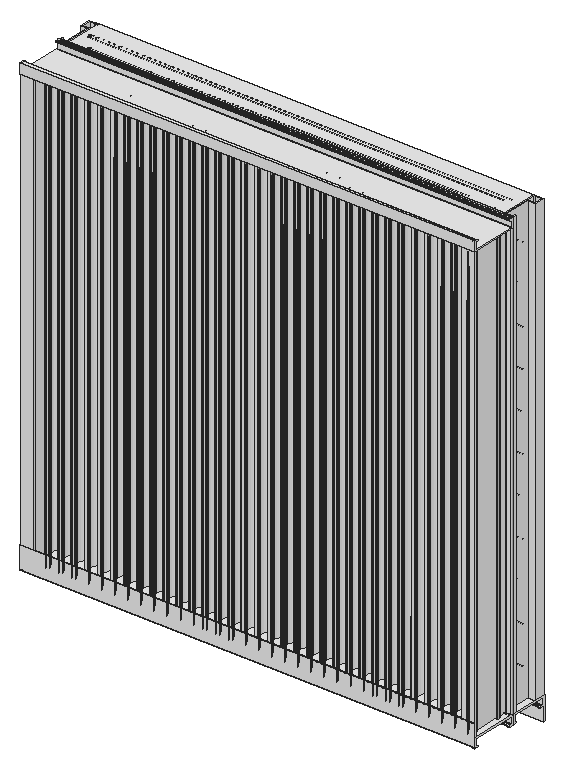
Revit family "All-Lite Louver_EFJ-937_R15", category Mechanical Equipment, host Wall, Revit 2017
Family settings
  Host = Wall
  Round Connector Dimension = Use Diameter
  Part Type = Normal
  Always vertical = Yes
  Cut with Voids When Loaded = No
  Shared = No
  Room Calculation Point = No
Parameters (values of type "EFJ-937")
  Width Control = if(Width < Min Width, Min Width, if(Width > Max Width, Max Width, Width))  # 4' - 0"
  Width = 4' - 0"
  Warranty = "http://www.alllite.com/assets/All-Lite-Warranty.pdf"
  Vertical Louver Array = (Width Control - 0' 1 3/4") / 0' 1 107/256"  # 33
  Vertical Blade Height = Height Control - 0' 2"  # 3' - 10"
  URL = "http://alllite.com/"
  Specifications = "javascript://EFJ-937 CSI Specification"
  Product URL = "http://www.alllite.com/media/resource/EFJ937.pdf"
  Pressure Loss @ Beginning Point of Water Penetration = "0.48 in. wg."  # constant formula
  Omni Class Title = "Exterior Louvers & Grilles"  # constant formula
  Omni Class Code = "23-60 11 17"  # constant formula
  Mullion = "Visible"  # constant formula
  Maximum Size - Multiple Section = "Unlimited width x 120''"  # constant formula
  Velocity @ 0.15 in. wg. Pressure Loss = "705 fpm"  # constant formula
  Free Area Velocity @ Beginning Point of Water Penetration = "Above 1250 fpm"  # constant formula
  Free Area = "[48'' x 48'' unit] : 8.6 ft² 53.9%"  # constant formula
  Design Load = "130 psf"  # constant formula
  Screen = "1/2'' x .063'' expanded and flattened aluminum"  # constant formula
  Model = "EFJ-937"  # constant formula
  Minimum Size = "12'' x 12''"  # constant formula
  Min Width = 1' - 0"  # constant formula
  Min Height = 1' - 0"  # constant formula
  Maximum Size - Single Section = "60'' x 120''"  # constant formula
  Max Width = 5' - 0"  # constant formula
  Max Height = 10' - 0"  # constant formula
  Manufacturer = "Pottorff"  # constant formula
  Louver Count = (Height Control - 0' 2 1/2") / 0' 4"  # 11
  Louver = Aluminum
  Height Control = if(Height < Min Height, Min Height, if(Height > Max Height, Max Height, Height))  # 4' - 0"
  Height = 4' - 0"
  Frame = "9'' deep x 0.125'' thick channel"  # constant formula
  Description = "The EFJ-937 dual-module louver is engineered and tested\r\nto withstand extreme loads, debris impact, and cyclic\r\nfatigue associated with the severe weather effects of hurricanes.\r\nThe front (exterior) side of the louver features horizontal\r\nJ-style blades for a pleasing architectural appearance. The\r\ninterior side features vertical chevron blades which provide\r\nsuperior resistance to wind-driven rain. Both installation options\r\nfor the EFJ-937 feature minimal required hardware. The\r\nEFJ-937 is AMCA 540 and 550 listed, making it ideally suited for\r\nuse in hurricane-prone and wind-borne debris regions per the\r\nInternational Building Code."  # constant formula
  Default Height = 4' - 0"
  Cut Sheet = "http://www.alllite.com/media/resource/EFJ937.pdf"
  Blades = "Front: 37° x 0.081'' thick horizontal J style Rear: 0.06'' thick vertical chevron"  # constant formula
  Blade Width = Width Control - 0' 2"  # 3' - 10"
  Assembly Code = "B2010300"
  Air Volume Delivered @ Beginning Point of Water Penetration = "Above 10775 cfm"  # constant formula
  95 CSI = "10200"  # constant formula
  04 CSI = "08 91 00"  # constant formula
Reference planes (in)
  plane 1: y = 0
  plane 2 "Center (Left/Right)": x = 0
  plane 3 "Wall Edge": y = 6
  plane 4 "b": z = 48
  plane 5: x = 24
  plane 6: x = -24
  plane 7: z = 96
  plane 8 "louver": z = 49
  plane 9 "t": z = 95.5
  plane 10: x = 23.75
  plane 11: x = -23.75
  plane 12: z = 50.27046
  plane 13: y = 3.625
  plane 14 "top array": z = 93.5
  plane 15: x = 23
  plane 16: x = -23
  plane 17: z = 95
  plane 18: x = -23.12575
  plane 19: x = 23.12575
  plane 20: y = 2
  plane 21 "Jamb 2": y = 1.9375
  plane 22: z = 72.5
  plane 23 "REAR": y = -3.125
Forms (in)
  Sweep 1, solid, material "Aluminum" <- "Louver"
    path origin (0, 0, 95.5) x (0, -1, 0) y (1, 0, 0)
      loop
        line (-6, -23) -> (-6, 23)
    profile origin (0, 6, 95.5) x (0, 1, 0) y (0, 0, 1)
      loop
        line (-3.829, 0.419) -> (-3.3355, 0.419) -> (-3.3355, 0.18498)
        arc (-3.3355, 0.18498) -> (-3.45369, 0.07271) -> (-3.41884, -0.08654) r 0.166
        arc (-3.41884, -0.08654) -> (-3.36172, -0.08935) -> (-3.35874, -0.03223) r 0.0405
        arc (-3.35874, -0.03223) -> (-3.29514, 0.109) -> (-3.23108, -0.03203) r 0.085
        arc (-3.23108, -0.03203) -> (-3.22732, -0.08918) -> (-3.17017, -0.08542) r 0.0405
        arc (-3.17017, -0.08542) -> (-3.13653, 0.07342) -> (-3.2545, 0.18498) r 0.166
        line (-3.2545, 0.18498) -> (-3.2545, 0.419) -> (-1.062, 0.419) -> (-1.062, 0.0645) -> (-1.19902, 0.0645)
        arc (-1.19902, 0.0645) -> (-1.31129, 0.18269) -> (-1.47054, 0.14784) r 0.166
        arc (-1.47054, 0.14784) -> (-1.47375, 0.09136) -> (-1.41727, 0.08816) r 0.04
        arc (-1.41727, 0.08816) -> (-1.274, 0.024) -> (-1.41727, -0.04016) r 0.086
        arc (-1.41727, -0.04016) -> (-1.47375, -0.04336) -> (-1.47054, -0.09984) r 0.04
        arc (-1.47054, -0.09984) -> (-1.31129, -0.13469) -> (-1.19902, -0.0165) r 0.166
        line (-1.19902, -0.0165) -> (-1.062, -0.0165) -> (-1.062, -0.331) -> (-0.985, -0.331) -> (-0.985, -1.1655) -> (-1.19902, -1.1655)
        arc (-1.19902, -1.1655) -> (-1.31129, -1.04731) -> (-1.47054, -1.08216) r 0.166
        arc (-1.47054, -1.08216) -> (-1.47375, -1.13864) -> (-1.41727, -1.14184) r 0.04
        arc (-1.41727, -1.14184) -> (-1.274, -1.206) -> (-1.41727, -1.27016) r 0.086
        arc (-1.41727, -1.27016) -> (-1.47375, -1.27336) -> (-1.47054, -1.32984) r 0.04
        arc (-1.47054, -1.32984) -> (-1.31129, -1.36469) -> (-1.19902, -1.2465) r 0.166
        line (-1.19902, -1.2465) -> (-0.985, -1.2465) -> (-0.985, -2.581) -> (0.015, -2.581) -> (0.015, -1.621)
        arc (0.015, -1.621) -> (-0.0255, -1.5805) -> (-0.066, -1.621) r 0.0405
        line (-0.066, -1.621) -> (-0.066, -2.5) -> (-0.904, -2.5) -> (-0.904, 0.169) -> (-0.819, 0.169) -> (-0.819, 0.419) -> (-0.081, 0.419) -> (-0.081, -0.46645) -> (-0.76438, -1.14983) -> (-0.70711, -1.20711) -> (0, -0.5) -> (0, 0.5) -> (-3.91, 0.5) -> (-3.91, -0.25) -> (-3.829, -0.25) -> (-3.829, 0.419)
  Sweep 2, solid, material "Aluminum" <- "Louver"
    path origin (0, 0, 48) x (1, 0, 0) y (0, 1, 0)
      loop
        line (-24, 6) -> (24, 6)
    profile origin (0, 6, 48) x (0, 1, 0) y (0, 0, 1)
      loop
        arc (0.125, 0.96875) -> (0.11585, 0.99085) -> (0.09375, 1) r 0.03125
        line (0.09375, 1) -> (-4, 1) -> (-4, 0.03125)
        arc (-4, 0.03125) -> (-3.99085, 0.00915) -> (-3.96875, 0) r 0.03125
        line (-3.96875, 0) -> (-3.65563, 0)
        arc (-3.65563, 0) -> (-3.63354, 0.00915) -> (-3.62438, 0.03125) r 0.03125
        line (-3.62438, 0.03125) -> (-3.62438, 0.09375)
        arc (-3.62438, 0.09375) -> (-3.63354, 0.11585) -> (-3.65563, 0.125) r 0.03125
        line (-3.65563, 0.125) -> (-3.84375, 0.125)
        arc (-3.84375, 0.125) -> (-3.86585, 0.13415) -> (-3.875, 0.15625) r 0.03125
        line (-3.875, 0.15625) -> (-3.875, 0.84375)
        arc (-3.875, 0.84375) -> (-3.86585, 0.86585) -> (-3.84375, 0.875) r 0.03125
        line (-3.84375, 0.875) -> (-0.15625, 0.875)
        arc (-0.15625, 0.875) -> (-0.13415, 0.86585) -> (-0.125, 0.84375) r 0.03125
        line (-0.125, 0.84375) -> (-0.125, 0.15625)
        arc (-0.125, 0.15625) -> (-0.13415, 0.13415) -> (-0.15625, 0.125) r 0.03125
        line (-0.15625, 0.125) -> (-0.34375, 0.125)
        arc (-0.34375, 0.125) -> (-0.36585, 0.11585) -> (-0.375, 0.09375) r 0.03125
        line (-0.375, 0.09375) -> (-0.375, 0.03125)
        arc (-0.375, 0.03125) -> (-0.36585, 0.00915) -> (-0.34375, 0) r 0.03125
        line (-0.34375, 0) -> (0, 0) -> (0, -1.5) -> (0.125, -1.5) -> (0.125, 0.96875)
      loop
        line (-4.0625, 0.03125) -> (-4.0625, 1) -> (-9.06242, 1) -> (-9.06242, 2.375) -> (-9.1435, 2.375) -> (-9.1435, 0.03125)
        arc (-9.1435, 0.03125) -> (-9.13435, 0.00915) -> (-9.11225, 0) r 0.03125
        line (-9.11225, 0) -> (-8.79913, 0)
        arc (-8.79913, 0) -> (-8.77704, 0.00915) -> (-8.76788, 0.03125) r 0.03125
        line (-8.76788, 0.03125) -> (-8.76788, 0.09375)
        arc (-8.76788, 0.09375) -> (-8.77704, 0.11585) -> (-8.79913, 0.125) r 0.03125
        line (-8.79913, 0.125) -> (-8.98725, 0.125)
        arc (-8.98725, 0.125) -> (-9.00935, 0.13415) -> (-9.0185, 0.15625) r 0.03125
        line (-9.0185, 0.15625) -> (-9.0185, 0.84375)
        arc (-9.0185, 0.84375) -> (-9.00935, 0.86585) -> (-8.98725, 0.875) r 0.03125
        line (-8.98725, 0.875) -> (-4.21875, 0.875)
        arc (-4.21875, 0.875) -> (-4.19665, 0.86585) -> (-4.1875, 0.84375) r 0.03125
        line (-4.1875, 0.84375) -> (-4.1875, 0.15625)
        arc (-4.1875, 0.15625) -> (-4.19665, 0.13415) -> (-4.21875, 0.125) r 0.03125
        line (-4.21875, 0.125) -> (-4.40687, 0.125)
        arc (-4.40687, 0.125) -> (-4.42896, 0.11585) -> (-4.43812, 0.09375) r 0.03125
        line (-4.43812, 0.09375) -> (-4.43812, 0.03125)
        arc (-4.43812, 0.03125) -> (-4.42896, 0.00915) -> (-4.40687, 0) r 0.03125
        line (-4.40687, 0) -> (-4.09375, 0)
        arc (-4.09375, 0) -> (-4.07165, 0.00915) -> (-4.0625, 0.03125) r 0.03125
  Extrusion 3, solid, material "Aluminum" <- "Louver"
    sketch origin (0, 0, 0) x (1, 0, 0) y (0, 1, 0)
      loop
        line (23, 6) -> (23, 5.919) -> (23.125, 5.919) -> (23.125, 5.731) -> (23.206, 5.731) -> (23.206, 5.875) -> (23.875, 5.875) -> (23.875, 5.019) -> (23.125, 5.019) -> (23.125, 2) -> (24, 2) -> (24, 2.331) -> (23.875, 2.331) -> (23.875, 2.125) -> (23.25, 2.125) -> (23.25, 4.894) -> (24, 4.894) -> (24, 6) -> (23, 6)
    from 49 to 96
  Extrusion 4, solid, material "Aluminum" <- "Louver"
    sketch origin (0, 0, 0) x (-1, 0, 0) y (0, -1, 0)
      loop
        line (23, -6) -> (24, -6) -> (24, -4.894) -> (23.25, -4.894) -> (23.25, -2.125) -> (23.875, -2.125) -> (23.875, -2.331) -> (24, -2.331) -> (24, -2) -> (23.125, -2) -> (23.125, -5.019) -> (23.875, -5.019) -> (23.875, -5.875) -> (23.206, -5.875) -> (23.206, -5.731) -> (23.125, -5.731) -> (23.125, -5.919) -> (23, -5.919) -> (23, -6)
    from 49 to 96
  Sweep 5, solid, material "Aluminum" <- "Louver"
    path origin (0, 0, 95.5) x (0, -1, 0) y (1, 0, 0)
      loop
        line (-6, -23) -> (-6, 23)
    profile origin (0, 6, 95.5) x (0, 1, 0) y (0, 0, 1)
      loop
        line (-3.829, 0.419) -> (-3.3355, 0.419) -> (-3.3355, 0.18498)
        arc (-3.3355, 0.18498) -> (-3.45369, 0.07271) -> (-3.41884, -0.08654) r 0.166
        arc (-3.41884, -0.08654) -> (-3.36172, -0.08935) -> (-3.35874, -0.03223) r 0.0405
        arc (-3.35874, -0.03223) -> (-3.29514, 0.109) -> (-3.23108, -0.03203) r 0.085
        arc (-3.23108, -0.03203) -> (-3.22732, -0.08918) -> (-3.17017, -0.08542) r 0.0405
        arc (-3.17017, -0.08542) -> (-3.13653, 0.07342) -> (-3.2545, 0.18498) r 0.166
        line (-3.2545, 0.18498) -> (-3.2545, 0.419) -> (-1.062, 0.419) -> (-1.062, 0.0645) -> (-1.19902, 0.0645)
        arc (-1.19902, 0.0645) -> (-1.31129, 0.18269) -> (-1.47054, 0.14784) r 0.166
        arc (-1.47054, 0.14784) -> (-1.47375, 0.09136) -> (-1.41727, 0.08816) r 0.04
        arc (-1.41727, 0.08816) -> (-1.274, 0.024) -> (-1.41727, -0.04016) r 0.086
        arc (-1.41727, -0.04016) -> (-1.47375, -0.04336) -> (-1.47054, -0.09984) r 0.04
        arc (-1.47054, -0.09984) -> (-1.31129, -0.13469) -> (-1.19902, -0.0165) r 0.166
        line (-1.19902, -0.0165) -> (-1.062, -0.0165) -> (-1.062, -0.331) -> (-0.985, -0.331) -> (-0.985, -1.1655) -> (-1.19902, -1.1655)
        arc (-1.19902, -1.1655) -> (-1.31129, -1.04731) -> (-1.47054, -1.08216) r 0.166
        arc (-1.47054, -1.08216) -> (-1.47375, -1.13864) -> (-1.41727, -1.14184) r 0.04
        arc (-1.41727, -1.14184) -> (-1.274, -1.206) -> (-1.41727, -1.27016) r 0.086
        arc (-1.41727, -1.27016) -> (-1.47375, -1.27336) -> (-1.47054, -1.32984) r 0.04
        arc (-1.47054, -1.32984) -> (-1.31129, -1.36469) -> (-1.19902, -1.2465) r 0.166
        line (-1.19902, -1.2465) -> (-0.985, -1.2465) -> (-0.985, -2.581) -> (0.015, -2.581) -> (0.015, -1.621)
        arc (0.015, -1.621) -> (-0.0255, -1.5805) -> (-0.066, -1.621) r 0.0405
        line (-0.066, -1.621) -> (-0.066, -2.5) -> (-0.904, -2.5) -> (-0.904, 0.169) -> (-0.819, 0.169) -> (-0.819, 0.419) -> (-0.081, 0.419) -> (-0.081, -0.46645) -> (-0.76438, -1.14983) -> (-0.70711, -1.20711) -> (0, -0.5) -> (0, 0.5) -> (-3.91, 0.5) -> (-3.91, -0.25) -> (-3.829, -0.25) -> (-3.829, 0.419)
  Sweep 6, solid, material "Aluminum" <- "Louver"
    path origin (0, 0, 48) x (1, 0, 0) y (0, 1, 0)
      loop
        line (-24, 6) -> (24, 6)
    profile origin (0, 6, 48) x (0, 1, 0) y (0, 0, 1)
      loop
        arc (-4.0625, 47.96875) -> (-4.07165, 47.99085) -> (-4.09375, 48) r 0.03125
        line (-4.09375, 48) -> (-4.40687, 48)
        arc (-4.40687, 48) -> (-4.42896, 47.99085) -> (-4.43812, 47.96875) r 0.03125
        line (-4.43812, 47.96875) -> (-4.43812, 47.90625)
        arc (-4.43812, 47.90625) -> (-4.42896, 47.88415) -> (-4.40687, 47.875) r 0.03125
        line (-4.40687, 47.875) -> (-4.21875, 47.875)
        arc (-4.21875, 47.875) -> (-4.19665, 47.86585) -> (-4.1875, 47.84375) r 0.03125
        line (-4.1875, 47.84375) -> (-4.1875, 47.15625)
        arc (-4.1875, 47.15625) -> (-4.19665, 47.13415) -> (-4.21875, 47.125) r 0.03125
        line (-4.21875, 47.125) -> (-8.98725, 47.125)
        arc (-8.98725, 47.125) -> (-9.00935, 47.13415) -> (-9.0185, 47.15625) r 0.03125
        line (-9.0185, 47.15625) -> (-9.0185, 47.84375)
        arc (-9.0185, 47.84375) -> (-9.00935, 47.86585) -> (-8.98725, 47.875) r 0.03125
        line (-8.98725, 47.875) -> (-8.79913, 47.875)
        arc (-8.79913, 47.875) -> (-8.77704, 47.88415) -> (-8.76788, 47.90625) r 0.03125
        line (-8.76788, 47.90625) -> (-8.76788, 47.96875)
        arc (-8.76788, 47.96875) -> (-8.77704, 47.99085) -> (-8.79913, 48) r 0.03125
        line (-8.79913, 48) -> (-9.11225, 48)
        arc (-9.11225, 48) -> (-9.13435, 47.99085) -> (-9.1435, 47.96875) r 0.03125
        line (-9.1435, 47.96875) -> (-9.1435, 47) -> (-4.0625, 47) -> (-4.0625, 47.96875)
  Sweep 7, solid, material "Aluminum" <- "Louver"
    path origin (0, 1.9375, 0) x (1, 0, 0) y (0, 0, 1)
      loop
        line (24, 49) -> (24, 95)
    profile "EFJ-937 JambProfile  : EFJ-937 JambProfile " origin (24, 1.9375, 72) x (-1, 0, 0) y (0, -1, 0)
      loop
        line (0.87395, 0.01104) -> (0.87395, 0.27779)
        arc (0.87395, 0.27779) -> (0.88981, 0.33852) -> (0.93331, 0.38375) r 0.12427
        arc (0.93331, 0.38375) -> (0.98197, 0.43435) -> (0.9997, 0.50227) r 0.13899
        line (0.9997, 0.50227) -> (0.9997, 0.77779)
        arc (0.9997, 0.77779) -> (0.98197, 0.84571) -> (0.93331, 0.89631) r 0.13899
        arc (0.93331, 0.89631) -> (0.88981, 0.94154) -> (0.87395, 1.00227) r 0.12427
        line (0.87395, 1.00227) -> (0.87395, 4.876) -> (1.36438, 4.876) -> (1.36438, 5) -> (-0.0003, 5) -> (-0.0003, 4.876) -> (0.68264, 4.876) -> (0.68264, 4.45011)
        arc (0.68264, 4.45011) -> (0.66808, 4.41999) -> (0.63544, 4.41268) r 0.03844
        arc (0.63544, 4.41268) -> (0.5575, 4.41211) -> (0.4884, 4.37604) r 0.166
        arc (0.4884, 4.37604) -> (0.48456, 4.31889) -> (0.54171, 4.31504) r 0.0405
        arc (0.54171, 4.31504) -> (0.68264, 4.25104) -> (0.54171, 4.18704) r 0.085
        arc (0.54171, 4.18704) -> (0.48456, 4.18319) -> (0.4884, 4.12604) r 0.0405
        arc (0.4884, 4.12604) -> (0.57486, 4.08661) -> (0.66878, 4.10106) r 0.166
        arc (0.66878, 4.10106) -> (0.70779, 4.09869) -> (0.72664, 4.06447) r 0.0405
        line (0.72664, 4.06447) -> (0.72664, 1.41141)
        arc (0.72664, 1.41141) -> (0.70779, 1.37718) -> (0.66878, 1.37482) r 0.0405
        arc (0.66878, 1.37482) -> (0.57486, 1.38927) -> (0.4884, 1.34983) r 0.166
        arc (0.4884, 1.34983) -> (0.48456, 1.29268) -> (0.54171, 1.28884) r 0.0405
        arc (0.54171, 1.28884) -> (0.68264, 1.22484) -> (0.54171, 1.16083) r 0.085
        arc (0.54171, 1.16083) -> (0.48456, 1.15699) -> (0.4884, 1.09984) r 0.0405
        arc (0.4884, 1.09984) -> (0.55629, 1.06407) -> (0.63301, 1.06265) r 0.166
        arc (0.63301, 1.06265) -> (0.66739, 1.05454) -> (0.68264, 1.02268) r 0.04091
        line (0.68264, 1.02268) -> (0.68264, 0.27606)
        arc (0.68264, 0.27606) -> (0.65773, 0.20762) -> (0.59465, 0.1712) r 0.10647
        line (0.59465, 0.1712) -> (0.14485, 0.09189)
        arc (0.14485, 0.09189) -> (0.1284, 0.09403) -> (0.1161, 0.10517) r 0.02775
        arc (0.1161, 0.10517) -> (0.00796, 0.1046) -> (0.0622, 0.01104) r 0.0625
        line (0.0622, 0.01104) -> (0.87395, 0.01104)
  Sweep 8, solid, material "Aluminum" <- "Louver"
    path origin (0, 1.9375, 0) x (1, 0, 0) y (0, 0, 1)
      loop
        line (-24, 49) -> (-24, 95)
    profile "EFJ-937 JambProfile  : EFJ-937 JambProfile " origin (-24, 1.9375, 72) x (-1, 0, 0) y (0, -1, 0)
      loop
        line (-0.88458, 0.01104) -> (-0.07283, 0.01104)
        arc (-0.07283, 0.01104) -> (-0.01859, 0.1046) -> (-0.12673, 0.10517) r 0.0625
        arc (-0.12673, 0.10517) -> (-0.13902, 0.09403) -> (-0.15548, 0.09189) r 0.02775
        line (-0.15548, 0.09189) -> (-0.60528, 0.1712)
        arc (-0.60528, 0.1712) -> (-0.66835, 0.20762) -> (-0.69326, 0.27606) r 0.10647
        line (-0.69326, 0.27606) -> (-0.69326, 1.02268)
        arc (-0.69326, 1.02268) -> (-0.67801, 1.05454) -> (-0.64364, 1.06265) r 0.04091
        arc (-0.64364, 1.06265) -> (-0.56692, 1.06407) -> (-0.49903, 1.09984) r 0.166
        arc (-0.49903, 1.09984) -> (-0.49518, 1.15699) -> (-0.55233, 1.16083) r 0.0405
        arc (-0.55233, 1.16083) -> (-0.69326, 1.22484) -> (-0.55233, 1.28884) r 0.085
        arc (-0.55233, 1.28884) -> (-0.49518, 1.29268) -> (-0.49903, 1.34983) r 0.0405
        arc (-0.49903, 1.34983) -> (-0.58549, 1.38927) -> (-0.67941, 1.37482) r 0.166
        arc (-0.67941, 1.37482) -> (-0.71841, 1.37718) -> (-0.73726, 1.41141) r 0.0405
        line (-0.73726, 1.41141) -> (-0.73726, 4.06447)
        arc (-0.73726, 4.06447) -> (-0.71841, 4.09869) -> (-0.67941, 4.10106) r 0.0405
        arc (-0.67941, 4.10106) -> (-0.58549, 4.08661) -> (-0.49903, 4.12604) r 0.166
        arc (-0.49903, 4.12604) -> (-0.49518, 4.18319) -> (-0.55233, 4.18704) r 0.0405
        arc (-0.55233, 4.18704) -> (-0.69326, 4.25104) -> (-0.55233, 4.31504) r 0.085
        arc (-0.55233, 4.31504) -> (-0.49518, 4.31889) -> (-0.49903, 4.37604) r 0.0405
        arc (-0.49903, 4.37604) -> (-0.56812, 4.41211) -> (-0.64607, 4.41268) r 0.166
        arc (-0.64607, 4.41268) -> (-0.67871, 4.41999) -> (-0.69326, 4.45011) r 0.03844
        line (-0.69326, 4.45011) -> (-0.69326, 4.876) -> (-0.01032, 4.876) -> (-0.01032, 5) -> (-1.375, 5) -> (-1.375, 4.876) -> (-0.88458, 4.876) -> (-0.88458, 1.00227)
        arc (-0.88458, 1.00227) -> (-0.90043, 0.94154) -> (-0.94394, 0.89631) r 0.12427
        arc (-0.94394, 0.89631) -> (-0.9926, 0.84571) -> (-1.01033, 0.77779) r 0.13899
        line (-1.01033, 0.77779) -> (-1.01033, 0.50227)
        arc (-1.01033, 0.50227) -> (-0.9926, 0.43435) -> (-0.94394, 0.38375) r 0.13899
        arc (-0.94394, 0.38375) -> (-0.90043, 0.33852) -> (-0.88458, 0.27779) r 0.12427
        line (-0.88458, 0.27779) -> (-0.88458, 0.01104)
Lines and regions (in)
  Opening 1
    outline origin (-60, -6, 0) x (1, 0, 0) y (0, 0, 1)
      loop
        line (84, 96) -> (36, 96) -> (36, 48) -> (84, 48) -> (84, 96)
Text (in)
  text "Placement Side" at (0, 40.15149, 123.01588), in view "Right"
  text "Placement Side" at (-70.3804, 28.46503, 0), in view "Ref. Level"
  text "Placement Side" at (0, 81.62555, 140.59947), in view "Left"
Dimensions and locks (in)
  locked: plane 3 "Wall Edge" to host wall
  "Default Height": level to plane 4 "b"
  "Height Control": plane 4 "b" to plane 7
  equal spacing: plane 6, plane 2 "Center (Left/Right)", plane 5
  "Width Control": plane 6 to plane 5
  plane 7 to plane 4 "b" = 4' - 0"
  locked: plane 8 "louver" to plane 4 "b" at 1
  locked: plane 7 to plane 9 "t" at 0.5
  locked: plane 10 to plane 5 at 0.25
  locked: plane 11 to plane 6 at 0.25
  locked: plane 12 to plane 4 "b" at 2.27046
  locked: plane 7 to plane 14 "top array" at 2.5
  locked: plane 13 to host wall at 2.375
  equal spacing: group 1, group 3, group 4, group 5, group 6, group 7, group 8, group 9, group 10, group 11, group 2  (x3)
  locked: plane 15 to plane 5 at 1
  locked: plane 16 to plane 6 at 1
  Sweep 6 sketch curve to Sweep 6 sketch curve to plane 7 = 0' - 1" locked, 0' - 0" locked
  locked: plane 17 to plane 7 at 1
  locked: plane 6 to plane 18 at 0.87425
  equal spacing: group 12, group 14, group 15, group 16, group 17, group 18, group 19, group 20, group 21, group 22, group 23, group 24, group 25, group 26, group 27, group 28, group 29, group 30, group 31, group 32, group 33, group 34, group 35, group 36, group 37, group 38, group 39, group 40, group 41, group 42, group 43, group 44, group 13  (x3)
  locked: plane 19 to plane 5 at 0.87425
  plane 21 "Jamb 2" to plane 20 to plane 3 "Wall Edge" = 0' - 0 1/16" locked, 0' - 4" locked
  equal spacing: plane 8 "louver", plane 22, plane 7
  locked: plane 23 "REAR" to plane 3 "Wall Edge" at 9.125
  aligned and locked: plane 7 to Opening 1 sketch curve
  aligned and locked: Opening 1 sketch curve to plane 4 "b"
  aligned and locked: Sweep 1 sketch curve to host wall
  aligned and locked: nested 1 to host wall
  aligned and locked: nested 2 to host wall
  aligned and locked: nested 1 to plane 12
  aligned and locked: plane 6 to Sweep 2 sketch curve
  aligned and locked: plane 5 to Sweep 2 sketch curve
  aligned and locked: Opening 1 sketch curve to plane 5
  aligned and locked: plane 6 to Opening 1 sketch curve
  aligned and locked: plane 16 to Sweep 1 sketch curve
  aligned and locked: plane 15 to Sweep 1 sketch curve
  aligned and locked: plane 7 to Extrusion 3
  aligned and locked: plane 7 to Extrusion 4
  aligned and locked: plane 14 "top array" to nested 2
  aligned and locked: nested 12 to plane 18
  aligned and locked: plane 19 to nested 13
  aligned and locked: plane 6 to Sweep 8 sketch curve
  aligned and locked: Sweep 8 sketch curve to Sweep 6
  aligned and locked: Sweep 6 to Sweep 7 sketch curve
  aligned and locked: Sweep 8 to nested 12
  aligned and locked: nested 13 to Sweep 7
Automatic sketch dimensions
  Sweep 1 sketch curve to Sweep 1 sketch curve = 0' - 0"  (x30)
  Sweep 1 sketch curve to profile plane = 0' - 0"
  profile plane to Sweep 1 sketch curve = 0' - 0.0255"
  Sweep 1 sketch curve to Sweep 1 sketch curve = 0' - 0.0405"
  profile plane to Sweep 1 sketch curve = 0' - 0.081"
  profile plane to Sweep 1 sketch curve = 0' - 0.70711"
  Sweep 1 sketch curve to Sweep 1 sketch curve = 0' - 0.05728"
  plane 9 "t" to Sweep 1 sketch curve = 0' - 0.169"
  Sweep 1 sketch curve to Sweep 1 sketch curve = 0' - 0.738"
  Sweep 1 sketch curve to Sweep 1 sketch curve = 0' - 0.838"
  Sweep 1 sketch curve to Sweep 1 sketch curve = 0' - 0.22062"
  Sweep 1 sketch curve to Sweep 1 sketch curve = 0' - 0.081"  (x6)
  Sweep 1 sketch curve to Sweep 1 sketch curve = 0' - 0.077"
  Sweep 1 sketch curve to plane 9 "t" = 0' - 0.0165"
  Sweep 1 sketch curve to Sweep 1 sketch curve = 0' - 0.13702"
  Sweep 1 sketch curve to Sweep 1 sketch curve = 0' - 0.21402"
  plane 9 "t" to Sweep 1 sketch curve = 0' - 0.024"  (x2)
  Sweep 1 sketch curve to Sweep 1 sketch curve = 0' - 0.16098"  (x3)
  Sweep 1 sketch curve to Sweep 1 sketch curve = 0' - 0.0839"  (x4)
  Sweep 1 sketch curve to plane 9 "t" = 0' - 0.05873"
  Sweep 1 sketch curve to Sweep 1 sketch curve = 0' - 1.75672"
  Sweep 1 sketch curve to Sweep 1 sketch curve = 0' - 0.05388"
  Sweep 1 sketch curve to Sweep 1 sketch curve = 0' - 0.09438"
  Sweep 1 sketch curve to plane 9 "t" = 0' - 0.0593"
  Sweep 1 sketch curve to Sweep 1 sketch curve = 0' - 0.09387"
  Sweep 1 sketch curve to Sweep 1 sketch curve = 0' - 0.4935"
  Sweep 1 sketch curve to plane 9 "t" = 0' - 0.07"
  Sweep 1 sketch curve to plane 9 "t" = 0' - 0 1/4"
  Sweep 1 sketch curve to Sweep 1 sketch curve = 0' - 0.3145"
  Sweep 1 sketch curve to plane 9 "t" = 0' - 0.46645"
  Sweep 1 sketch curve to Sweep 1 sketch curve = 0' - 0.03355"
  Sweep 1 sketch curve to Sweep 1 sketch curve = 0' - 0.03783"
  Sweep 1 sketch curve to Sweep 1 sketch curve = 0' - 0.01567"
  Sweep 1 sketch curve to Sweep 1 sketch curve = 0' - 0.094"  (x2)
  Sweep 1 sketch curve to Sweep 1 sketch curve = 0' - 0.41389"
  Sweep 1 sketch curve to Sweep 1 sketch curve = 0' - 0.879"
  plane 9 "t" to Sweep 1 sketch curve = 0' - 0.0645"
  plane 9 "t" to Sweep 1 sketch curve = 0' - 0.118"
  plane 9 "t" to Sweep 1 sketch curve = 0' - 0.419"
  Sweep 1 sketch curve to Sweep 1 sketch curve = 0' - 0.02664"  (x2)
  Sweep 1 sketch curve to plane 9 "t" = 0' - 0.03223"
  plane 3 "Wall Edge" to Sweep 2 sketch curve = 0' - 0"
  Sweep 2 sketch curve to plane 4 "b" = 0' - 0"  (x4)
  Sweep 2 sketch curve to profile plane = 0' - 0"
  profile plane to Sweep 2 sketch curve = 0' - 0 1/8"
  Sweep 2 sketch curve to Sweep 2 sketch curve = 0' - 0 1/32"  (x11)
  plane 4 "b" to Sweep 2 sketch curve = 0' - 0 1/32"  (x5)
  Sweep 2 sketch curve to Sweep 2 sketch curve = 0' - 0 3/16"
  Sweep 2 sketch curve to Sweep 2 sketch curve = 0' - 3.24938"
  Sweep 2 sketch curve to Sweep 2 sketch curve = 0' - 0.18812"  (x5)
  Sweep 2 sketch curve to Sweep 2 sketch curve = 0' - 0 3/32"  (x3)
  Sweep 2 sketch curve to Sweep 2 sketch curve = 0' - 0 1/16"  (x5)
  Sweep 2 sketch curve to Sweep 2 sketch curve = 0' - 0"  (x3)
  Sweep 2 sketch curve to Sweep 2 sketch curve = 0' - 4.32977"
  Sweep 2 sketch curve to Sweep 2 sketch curve = 0' - 0.07517"
  Sweep 2 sketch curve to profile plane = 0' - 0 3/32"
  Sweep 2 sketch curve to Sweep 2 sketch curve = 0' - 0 1/8"  (x2)
  Sweep 2 sketch curve to plane 4 "b" = 0' - 1 1/2"
  Sweep 2 sketch curve to Sweep 2 sketch curve = 0' - 0 11/16"
  Sweep 2 sketch curve to Sweep 2 sketch curve = 0' - 1 3/8"
  Extrusion 3 sketch curve to host wall = 0' - 0"
  Extrusion 3 sketch curve to plane 5 = 0' - 0"  (x2)
  Extrusion 3 sketch curve to plane 10 = 0' - 0 1/8"  (x2)
  plane 19 to Extrusion 3 sketch curve = 0' - 0.12425"
  plane 19 to Extrusion 3 sketch curve = 0' - 0.08025"
  plane 20 to Extrusion 3 sketch curve = 0' - 0"
  Extrusion 3 sketch curve to plane 19 = 0' - 0.00075"  (x2)
  plane 15 to Extrusion 3 sketch curve = 0' - 0"
  Extrusion 3 sketch curve to plane 20 = 0' - 0 1/8"
  Extrusion 3 sketch curve to Extrusion 3 sketch curve = 0' - 0.206"
  Extrusion 3 sketch curve to Extrusion 3 sketch curve = 0' - 1.106"
  Extrusion 3 sketch curve to Extrusion 3 sketch curve = 0' - 0 1/8"
  Extrusion 3 sketch curve to host wall = 0' - 0.269"
  Extrusion 3 sketch curve to host wall = 0' - 0 1/8"
  Extrusion 3 sketch curve to Extrusion 3 sketch curve = 0' - 0.081"
  Extrusion 4 sketch curve to host wall = 0' - 0"
  Extrusion 4 sketch curve to plane 6 = 0' - 0"  (x2)
  plane 11 to Extrusion 4 sketch curve = 0' - 0 1/8"  (x2)
  plane 18 to Extrusion 4 sketch curve = 0' - 0.12425"
  plane 18 to Extrusion 4 sketch curve = 0' - 0.08025"
  Extrusion 4 sketch curve to plane 20 = 0' - 0"
  Extrusion 4 sketch curve to plane 18 = 0' - 0.00075"  (x2)
  Extrusion 4 sketch curve to plane 16 = 0' - 0"
  plane 20 to Extrusion 4 sketch curve = 0' - 0 1/8"
  Extrusion 4 sketch curve to Extrusion 4 sketch curve = 0' - 0.206"
  Extrusion 4 sketch curve to Extrusion 4 sketch curve = 0' - 1.106"
  Extrusion 4 sketch curve to Extrusion 4 sketch curve = 0' - 0 1/8"
  host wall to Extrusion 4 sketch curve = 0' - 0.269"
  host wall to Extrusion 4 sketch curve = 0' - 0 1/8"
  Extrusion 4 sketch curve to Extrusion 4 sketch curve = 0' - 0.081"
  plane 3 "Wall Edge" to Sweep 5 sketch curve = 0' - 0"
  Sweep 5 sketch curve to plane 16 = 0' - 0"
  Sweep 5 sketch curve to plane 15 = 0' - 0"
  Sweep 5 sketch curve to Sweep 5 sketch curve = 0' - 0"  (x30)
  Sweep 5 sketch curve to profile plane = 0' - 0"
  profile plane to Sweep 5 sketch curve = 0' - 0.0255"
  Sweep 5 sketch curve to Sweep 5 sketch curve = 0' - 0.0405"
  profile plane to Sweep 5 sketch curve = 0' - 0.081"
  profile plane to Sweep 5 sketch curve = 0' - 0.70711"
  Sweep 5 sketch curve to Sweep 5 sketch curve = 0' - 0.05728"
  plane 9 "t" to Sweep 5 sketch curve = 0' - 0.169"
  Sweep 5 sketch curve to Sweep 5 sketch curve = 0' - 0.738"
  Sweep 5 sketch curve to Sweep 5 sketch curve = 0' - 0.838"
  Sweep 5 sketch curve to Sweep 5 sketch curve = 0' - 0.22062"
  Sweep 5 sketch curve to Sweep 5 sketch curve = 0' - 0.081"  (x6)
  Sweep 5 sketch curve to Sweep 5 sketch curve = 0' - 0.077"
  Sweep 5 sketch curve to plane 9 "t" = 0' - 0.0165"
  Sweep 5 sketch curve to Sweep 5 sketch curve = 0' - 0.13702"
  Sweep 5 sketch curve to Sweep 5 sketch curve = 0' - 0.21402"
  plane 9 "t" to Sweep 5 sketch curve = 0' - 0.024"  (x2)
  Sweep 5 sketch curve to Sweep 5 sketch curve = 0' - 0.16098"  (x3)
  Sweep 5 sketch curve to Sweep 5 sketch curve = 0' - 0.0839"  (x4)
  Sweep 5 sketch curve to plane 9 "t" = 0' - 0.05873"
  Sweep 5 sketch curve to Sweep 5 sketch curve = 0' - 1.75672"
  Sweep 5 sketch curve to Sweep 5 sketch curve = 0' - 0.05388"
  Sweep 5 sketch curve to Sweep 5 sketch curve = 0' - 0.09438"
  Sweep 5 sketch curve to plane 9 "t" = 0' - 0.0593"
  Sweep 5 sketch curve to Sweep 5 sketch curve = 0' - 0.09387"
  Sweep 5 sketch curve to Sweep 5 sketch curve = 0' - 0.4935"
  Sweep 5 sketch curve to plane 9 "t" = 0' - 0.07"
  Sweep 5 sketch curve to plane 9 "t" = 0' - 0 1/4"
  Sweep 5 sketch curve to Sweep 5 sketch curve = 0' - 0.3145"
  Sweep 5 sketch curve to plane 9 "t" = 0' - 0.46645"
  Sweep 5 sketch curve to Sweep 5 sketch curve = 0' - 0.03355"
  Sweep 5 sketch curve to Sweep 5 sketch curve = 0' - 0.03783"
  Sweep 5 sketch curve to Sweep 5 sketch curve = 0' - 0.01567"
  Sweep 5 sketch curve to Sweep 5 sketch curve = 0' - 0.094"  (x2)
  Sweep 5 sketch curve to Sweep 5 sketch curve = 0' - 0.41389"
  Sweep 5 sketch curve to Sweep 5 sketch curve = 0' - 0.879"
  plane 9 "t" to Sweep 5 sketch curve = 0' - 0.0645"
  plane 9 "t" to Sweep 5 sketch curve = 0' - 0.118"
  plane 9 "t" to Sweep 5 sketch curve = 0' - 0.419"
  Sweep 5 sketch curve to Sweep 5 sketch curve = 0' - 0.02664"  (x2)
  Sweep 5 sketch curve to plane 9 "t" = 0' - 0.03223"
  plane 3 "Wall Edge" to Sweep 6 sketch curve = 0' - 0"
  Sweep 6 sketch curve to plane 6 = 0' - 0"
  Sweep 6 sketch curve to plane 5 = 0' - 0"
  profile plane to Sweep 6 sketch curve = 0' - 9.1435"
  Sweep 6 sketch curve to Sweep 6 sketch curve = 0' - 0 1/32"  (x7)
  Sweep 6 sketch curve to Sweep 6 sketch curve = 0' - 0 3/32"  (x2)
  Sweep 6 sketch curve to Sweep 6 sketch curve = 0' - 0.18812"  (x2)
  Sweep 6 sketch curve to Sweep 6 sketch curve = 0' - 0"  (x2)
  Sweep 6 sketch curve to Sweep 6 sketch curve = 0' - 4.32977"
  Sweep 6 sketch curve to Sweep 6 sketch curve = 0' - 0 5/32"
  Sweep 6 sketch curve to Sweep 6 sketch curve = 0' - 0 1/8"  (x3)
  Sweep 6 sketch curve to Sweep 6 sketch curve = 0' - 0 11/16"
  plane 5 to Sweep 7 sketch curve = 0' - 0"
  Sweep 7 sketch curve to plane 8 "louver" = 0' - 0"
  Sweep 8 sketch curve to plane 8 "louver" = 0' - 0"
Nested families (in)
  nested 1: "EFJ-937_Louver" at (0, 6, 50.27046), type "EFJ-937_Louver"
    with W 3' - 10"
  nested 2: "EFJ-937_Louver" at (0, 6, 90.39474), type "EFJ-937_Louver"
    with W 3' - 10"
  nested 3: "EFJ-937_Louver" at (0, 6, 54.28288), type "EFJ-937_Louver"
    with W 3' - 10"
  nested 4: "EFJ-937_Louver" at (0, 6, 58.29531), type "EFJ-937_Louver"
    with W 3' - 10"
  nested 5: "EFJ-937_Louver" at (0, 6, 62.30774), type "EFJ-937_Louver"
    with W 3' - 10"
  nested 6: "EFJ-937_Louver" at (0, 6, 66.32017), type "EFJ-937_Louver"
    with W 3' - 10"
  nested 7: "EFJ-937_Louver" at (0, 6, 70.3326), type "EFJ-937_Louver"
    with W 3' - 10"
  nested 8: "EFJ-937_Louver" at (0, 6, 74.34503), type "EFJ-937_Louver"
    with W 3' - 10"
  nested 9: "EFJ-937_Louver" at (0, 6, 78.35746), type "EFJ-937_Louver"
    with W 3' - 10"
  nested 10: "EFJ-937_Louver" at (0, 6, 82.36989), type "EFJ-937_Louver"
    with W 3' - 10"
  nested 11: "EFJ-937_Louver" at (0, 6, 86.38231), type "EFJ-937_Louver"
    with W 3' - 10"
  nested 12: "EFJ-937 Vertical Blade" at (-23.12575, 1.9265, 49) x (-1, 0, 0) z (0, 0, 1), type "EFJ-937 Vertical Blade"
    with Height 3' - 10"
  nested 13: "EFJ-937 Vertical Blade" at (21.06575, 1.9265, 49) x (-1, 0, 0) z (0, 0, 1), type "EFJ-937 Vertical Blade"
    with Height 3' - 10"
  nested 14: "EFJ-937 Vertical Blade" at (-21.74476, 1.9265, 49) x (-1, 0, 0) z (0, 0, 1), type "EFJ-937 Vertical Blade"
    with Height 3' - 10"
  nested 15: "EFJ-937 Vertical Blade" at (-20.36378, 1.9265, 49) x (-1, 0, 0) z (0, 0, 1), type "EFJ-937 Vertical Blade"
    with Height 3' - 10"
  nested 16: "EFJ-937 Vertical Blade" at (-18.98279, 1.9265, 49) x (-1, 0, 0) z (0, 0, 1), type "EFJ-937 Vertical Blade"
    with Height 3' - 10"
  nested 17: "EFJ-937 Vertical Blade" at (-17.60181, 1.9265, 49) x (-1, 0, 0) z (0, 0, 1), type "EFJ-937 Vertical Blade"
    with Height 3' - 10"
  nested 18: "EFJ-937 Vertical Blade" at (-16.22082, 1.9265, 49) x (-1, 0, 0) z (0, 0, 1), type "EFJ-937 Vertical Blade"
    with Height 3' - 10"
  nested 19: "EFJ-937 Vertical Blade" at (-14.83984, 1.9265, 49) x (-1, 0, 0) z (0, 0, 1), type "EFJ-937 Vertical Blade"
    with Height 3' - 10"
  nested 20: "EFJ-937 Vertical Blade" at (-13.45886, 1.9265, 49) x (-1, 0, 0) z (0, 0, 1), type "EFJ-937 Vertical Blade"
    with Height 3' - 10"
  nested 21: "EFJ-937 Vertical Blade" at (-12.07787, 1.9265, 49) x (-1, 0, 0) z (0, 0, 1), type "EFJ-937 Vertical Blade"
    with Height 3' - 10"
  nested 22: "EFJ-937 Vertical Blade" at (-10.69689, 1.9265, 49) x (-1, 0, 0) z (0, 0, 1), type "EFJ-937 Vertical Blade"
    with Height 3' - 10"
  nested 23: "EFJ-937 Vertical Blade" at (-9.3159, 1.9265, 49) x (-1, 0, 0) z (0, 0, 1), type "EFJ-937 Vertical Blade"
    with Height 3' - 10"
  nested 24: "EFJ-937 Vertical Blade" at (-7.93492, 1.9265, 49) x (-1, 0, 0) z (0, 0, 1), type "EFJ-937 Vertical Blade"
    with Height 3' - 10"
  nested 25: "EFJ-937 Vertical Blade" at (-6.55394, 1.9265, 49) x (-1, 0, 0) z (0, 0, 1), type "EFJ-937 Vertical Blade"
    with Height 3' - 10"
  nested 26: "EFJ-937 Vertical Blade" at (-5.17295, 1.9265, 49) x (-1, 0, 0) z (0, 0, 1), type "EFJ-937 Vertical Blade"
    with Height 3' - 10"
  nested 27: "EFJ-937 Vertical Blade" at (-3.79197, 1.9265, 49) x (-1, 0, 0) z (0, 0, 1), type "EFJ-937 Vertical Blade"
    with Height 3' - 10"
  nested 28: "EFJ-937 Vertical Blade" at (-2.41098, 1.9265, 49) x (-1, 0, 0) z (0, 0, 1), type "EFJ-937 Vertical Blade"
    with Height 3' - 10"
  nested 29: "EFJ-937 Vertical Blade" at (-1.03, 1.9265, 49) x (-1, 0, 0) z (0, 0, 1), type "EFJ-937 Vertical Blade"
    with Height 3' - 10"
  nested 30: "EFJ-937 Vertical Blade" at (0.35098, 1.9265, 49) x (-1, 0, 0) z (0, 0, 1), type "EFJ-937 Vertical Blade"
    with Height 3' - 10"
  nested 31: "EFJ-937 Vertical Blade" at (1.73197, 1.9265, 49) x (-1, 0, 0) z (0, 0, 1), type "EFJ-937 Vertical Blade"
    with Height 3' - 10"
  nested 32: "EFJ-937 Vertical Blade" at (3.11295, 1.9265, 49) x (-1, 0, 0) z (0, 0, 1), type "EFJ-937 Vertical Blade"
    with Height 3' - 10"
  nested 33: "EFJ-937 Vertical Blade" at (4.49394, 1.9265, 49) x (-1, 0, 0) z (0, 0, 1), type "EFJ-937 Vertical Blade"
    with Height 3' - 10"
  nested 34: "EFJ-937 Vertical Blade" at (5.87492, 1.9265, 49) x (-1, 0, 0) z (0, 0, 1), type "EFJ-937 Vertical Blade"
    with Height 3' - 10"
  nested 35: "EFJ-937 Vertical Blade" at (7.2559, 1.9265, 49) x (-1, 0, 0) z (0, 0, 1), type "EFJ-937 Vertical Blade"
    with Height 3' - 10"
  nested 36: "EFJ-937 Vertical Blade" at (8.63689, 1.9265, 49) x (-1, 0, 0) z (0, 0, 1), type "EFJ-937 Vertical Blade"
    with Height 3' - 10"
  nested 37: "EFJ-937 Vertical Blade" at (10.01787, 1.9265, 49) x (-1, 0, 0) z (0, 0, 1), type "EFJ-937 Vertical Blade"
    with Height 3' - 10"
  nested 38: "EFJ-937 Vertical Blade" at (11.39886, 1.9265, 49) x (-1, 0, 0) z (0, 0, 1), type "EFJ-937 Vertical Blade"
    with Height 3' - 10"
  nested 39: "EFJ-937 Vertical Blade" at (12.77984, 1.9265, 49) x (-1, 0, 0) z (0, 0, 1), type "EFJ-937 Vertical Blade"
    with Height 3' - 10"
  nested 40: "EFJ-937 Vertical Blade" at (14.16082, 1.9265, 49) x (-1, 0, 0) z (0, 0, 1), type "EFJ-937 Vertical Blade"
    with Height 3' - 10"
  nested 41: "EFJ-937 Vertical Blade" at (15.54181, 1.9265, 49) x (-1, 0, 0) z (0, 0, 1), type "EFJ-937 Vertical Blade"
    with Height 3' - 10"
  nested 42: "EFJ-937 Vertical Blade" at (16.92279, 1.9265, 49) x (-1, 0, 0) z (0, 0, 1), type "EFJ-937 Vertical Blade"
    with Height 3' - 10"
  nested 43: "EFJ-937 Vertical Blade" at (18.30378, 1.9265, 49) x (-1, 0, 0) z (0, 0, 1), type "EFJ-937 Vertical Blade"
    with Height 3' - 10"
  nested 44: "EFJ-937 Vertical Blade" at (19.68476, 1.9265, 49) x (-1, 0, 0) z (0, 0, 1), type "EFJ-937 Vertical Blade"
    with Height 3' - 10"
Definition of nested family "EFJ-937_Louver"
  Parameters (values of type "EFJ-937_Louver")
    W = 3' - 0"
    Louver = none
    Blade = none
    Assembly Code = ""
  Reference planes (in)
    plane 1 "Center (Front/Back)": y = 0
    plane 2: z = 0
    plane 3 "Center (Left/Right)": x = 0
    plane 4: x = -18
    plane 5: x = 18
    plane 6: z = 0
  Forms (in)
    Sweep 1, solid, material <- "Blade"
      path origin (0, 0.081, -0.38328) x (1, 0, 0) y (0, 1, 0)
        loop
          line (-18, 0) -> (18, 0)
      profile origin (0, 0.081, -0.38328) x (0, 1, 0) y (0, 0, 1)
        loop
          line (0.081, 0.54594) -> (0.081, 1.17671) -> (1.12636, 1.96444)
          arc (1.12636, 1.96444) -> (1.16504, 1.96999) -> (1.19041, 1.94026) r 0.0405
          arc (1.19041, 1.94026) -> (1.23842, 1.85383) -> (1.32723, 1.81038) r 0.165
          arc (1.32723, 1.81038) -> (1.37283, 1.84395) -> (1.33926, 1.88955) r 0.04004
          arc (1.33926, 1.88955) -> (1.29885, 2.04181) -> (1.43778, 1.96755) r 0.08589
          arc (1.43778, 1.96755) -> (1.47398, 1.92498) -> (1.51655, 1.96119) r 0.03952
          arc (1.51655, 1.96119) -> (1.49748, 2.05196) -> (1.43209, 2.11774) r 0.16345
          arc (1.43209, 2.11774) -> (1.40953, 2.15283) -> (1.42678, 2.19083) r 0.04361
          line (1.42678, 2.19083) -> (2.80136, 3.22665)
          arc (2.80136, 3.22665) -> (2.84005, 3.23219) -> (2.86541, 3.20246) r 0.0405
          arc (2.86541, 3.20246) -> (2.91039, 3.11876) -> (2.99391, 3.07344) r 0.166
          arc (2.99391, 3.07344) -> (3.04187, 3.10476) -> (3.01055, 3.15272) r 0.0405
          arc (3.01055, 3.15272) -> (2.97685, 3.30379) -> (3.11278, 3.22975) r 0.085
          arc (3.11278, 3.22975) -> (3.15024, 3.18643) -> (3.19357, 3.22389) r 0.0405
          arc (3.19357, 3.22389) -> (3.13896, 3.35938) -> (2.99843, 3.39925) r 0.166
          arc (2.99843, 3.39925) -> (2.96337, 3.40988) -> (2.95153, 3.44455) r 0.04016
          line (2.95153, 3.44455) -> (2.95412, 3.48185)
          arc (2.95412, 3.48185) -> (2.96308, 3.50491) -> (2.98353, 3.51884) r 0.04171
          line (2.98353, 3.51884) -> (3.85894, 3.78648)
          arc (3.85894, 3.78648) -> (3.89585, 3.81256) -> (3.91, 3.85549) r 0.07217
          line (3.91, 3.85549) -> (3.91, 4.55614)
          arc (3.91, 4.55614) -> (3.8695, 4.59664) -> (3.829, 4.55614) r 0.0405
          line (3.829, 4.55614) -> (3.829, 3.89282)
          arc (3.829, 3.89282) -> (3.82084, 3.86807) -> (3.79956, 3.85303) r 0.04161
          line (3.79956, 3.85303) -> (2.86633, 3.56771)
          arc (2.86633, 3.56771) -> (2.8377, 3.52548) -> (2.87289, 3.48854) r 0.04065
          arc (2.87289, 3.48854) -> (2.85347, 3.39557) -> (2.79337, 3.32204) r 0.2
          line (2.79337, 3.32204) -> (0, 1.21709) -> (0, 0.51609)
          arc (0, 0.51609) -> (0.06191, 0.47293) -> (0.081, 0.54594) r 0.046
  Dimensions and locks (in)
    plane 5 to plane 4 = 3' - 0"
    equal spacing: plane 4, plane 3 "Center (Left/Right)", plane 5
    "W": plane 4 to plane 5
    aligned and locked: plane 2 to level
  Automatic sketch dimensions
    Sweep 1 sketch curve to plane 4 = 0' - 0"
    Sweep 1 sketch curve to plane 5 = 0' - 0"
    Sweep 1 sketch curve to plane 1 "Center (Front/Back)" = 0' - 0.081"
    Sweep 1 sketch curve to profile plane = 0' - 0"
    Sweep 1 sketch curve to profile plane = 0' - 0.046"
    Sweep 1 sketch curve to Sweep 1 sketch curve = 0' - 0.035"
    Sweep 1 sketch curve to profile plane = 0' - 1.12636"
    Sweep 1 sketch curve to Sweep 1 sketch curve = 0' - 0.02437"  (x2)
    Sweep 1 sketch curve to Sweep 1 sketch curve = 0' - 0.18251"
    Sweep 1 sketch curve to Sweep 1 sketch curve = 0' - 0.01877"
    Sweep 1 sketch curve to Sweep 1 sketch curve = 0' - 0.00015"
    Sweep 1 sketch curve to Sweep 1 sketch curve = 0' - 0.00147"
    Sweep 1 sketch curve to Sweep 1 sketch curve = 0' - 0.07315"
    Sweep 1 sketch curve to Sweep 1 sketch curve = 0' - 0.02625"
    Sweep 1 sketch curve to Sweep 1 sketch curve = 0' - 0.12353"
    Sweep 1 sketch curve to Sweep 1 sketch curve = 0' - 1.24622"
    Sweep 1 sketch curve to Sweep 1 sketch curve = 0' - 0.12036"
    Sweep 1 sketch curve to Sweep 1 sketch curve = 0' - 0.008"
    Sweep 1 sketch curve to Sweep 1 sketch curve = 0' - 0.19333"
    Sweep 1 sketch curve to Sweep 1 sketch curve = 0' - 0.01188"
    Sweep 1 sketch curve to Sweep 1 sketch curve = 0' - 0.07331"
    Sweep 1 sketch curve to Sweep 1 sketch curve = 0' - 0.00259"
    Sweep 1 sketch curve to Sweep 1 sketch curve = 0' - 0.02941"
    Sweep 1 sketch curve to Sweep 1 sketch curve = 0' - 0.03974"
    Sweep 1 sketch curve to Sweep 1 sketch curve = 0' - 0.00446"
    Sweep 1 sketch curve to Sweep 1 sketch curve = 0' - 0.17649"
    Sweep 1 sketch curve to Sweep 1 sketch curve = 0' - 0.02577"
    Sweep 1 sketch curve to Sweep 1 sketch curve = 0' - 0"  (x14)
    Sweep 1 sketch curve to Sweep 1 sketch curve = 0' - 0.12517"
    Sweep 1 sketch curve to Sweep 1 sketch curve = 0' - 0.80386"
    Sweep 1 sketch curve to Sweep 1 sketch curve = 0' - 0.01217"
    Sweep 1 sketch curve to Sweep 1 sketch curve = 0' - 0.04161"
    Sweep 1 sketch curve to Sweep 1 sketch curve = 0' - 0.03828"
    Sweep 1 sketch curve to Sweep 1 sketch curve = 0' - 0.0211"
    Sweep 1 sketch curve to Sweep 1 sketch curve = 0' - 0.0405"
    profile plane to Sweep 1 sketch curve = 0' - 0.51609"
    Sweep 1 sketch curve to Sweep 1 sketch curve = 0' - 0.63076"
    Sweep 1 sketch curve to Sweep 1 sketch curve = 0' - 0.04039"
    Sweep 1 sketch curve to Sweep 1 sketch curve = 0' - 0.67325"
    Sweep 1 sketch curve to Sweep 1 sketch curve = 0' - 0.08214"
    Sweep 1 sketch curve to Sweep 1 sketch curve = 0' - 0.11441"
    Sweep 1 sketch curve to Sweep 1 sketch curve = 0' - 0.03234"
    Sweep 1 sketch curve to Sweep 1 sketch curve = 0' - 0.12354"
    Sweep 1 sketch curve to Sweep 1 sketch curve = 0' - 0.00085"
    Sweep 1 sketch curve to Sweep 1 sketch curve = 0' - 0.00097"
    Sweep 1 sketch curve to Sweep 1 sketch curve = 0' - 0.19163"
    Sweep 1 sketch curve to Sweep 1 sketch curve = 0' - 0.03483"
    Sweep 1 sketch curve to Sweep 1 sketch curve = 0' - 0.95708"
    Sweep 1 sketch curve to Sweep 1 sketch curve = 0' - 0.08122"
    Sweep 1 sketch curve to Sweep 1 sketch curve = 0' - 0.03235"
    Sweep 1 sketch curve to Sweep 1 sketch curve = 0' - 0.11374"
    Sweep 1 sketch curve to Sweep 1 sketch curve = 0' - 0.12282"
    Sweep 1 sketch curve to Sweep 1 sketch curve = 0' - 0.0954"
    Sweep 1 sketch curve to Sweep 1 sketch curve = 0' - 0.20286"
    Sweep 1 sketch curve to Sweep 1 sketch curve = 0' - 0.00578"
    Sweep 1 sketch curve to Sweep 1 sketch curve = 0' - 0.04019"
    Sweep 1 sketch curve to Sweep 1 sketch curve = 0' - 0.15973"
    Sweep 1 sketch curve to Sweep 1 sketch curve = 0' - 0.0373"
    Sweep 1 sketch curve to Sweep 1 sketch curve = 0' - 0.04699"
    Sweep 1 sketch curve to Sweep 1 sketch curve = 0' - 0.03887"
    Sweep 1 sketch curve to Sweep 1 sketch curve = 0' - 0.55965"
    Sweep 1 sketch curve to Sweep 1 sketch curve = 0' - 0.00247"
    Sweep 1 sketch curve to Sweep 1 sketch curve = 0' - 0.66332"
Definition of nested family "EFJ-937 Vertical Blade"
  Parameters (values of type "EFJ-937 Vertical Blade")
    Height = 4' - 3 11/256"
    Default Elevation = 4' - 0"
    Blade = none
  Reference planes (in)
    plane 1 "Center (Front/Back)": y = 0
    plane 2: z = 0
    plane 3 "Center (Left/Right)": x = 0
    plane 4: z = 51.04297
    plane 5: x = -2.06
  Forms (in)
    Extrusion 1, solid
      sketch origin (0, 0, 0) x (1, 0, 0) y (0, 1, 0)
        loop
          line (-48, 48) -> (-48, -48) -> (48, -48) -> (48, 48) -> (-48, 48)
      from 0 to -12
    Extrusion 2, solid, material <- "Blade"
      sketch origin (0, 0, 0) x (1, 0, 0) y (0, 1, 0)
        loop
          line (-1.54204, 4.08888) -> (-0.34172, 2.80169)
          arc (-0.34172, 2.80169) -> (-0.32588, 2.75502) -> (-0.35034, 2.71223) r 0.06
          arc (-0.35034, 2.71223) -> (-0.39936, 2.64973) -> (-0.4081, 2.57079) r 0.145
          arc (-0.4081, 2.57079) -> (-0.44573, 2.04135) -> (-0.72192, 1.58808) r 1.125
          line (-0.72192, 1.58808) -> (-1.93259, 0.37741)
          arc (-1.93259, 0.37741) -> (-2.02689, 0.23628) -> (-2.06, 0.06982) r 0.435
          line (-2.06, 0.06982) -> (-2.06, 0.03)
          arc (-2.06, 0.03) -> (-2.03, 0) -> (-2, 0.03) r 0.03
          line (-2, 0.03) -> (-2, 0.06982)
          arc (-2, 0.06982) -> (-1.97145, 0.21332) -> (-1.89017, 0.33498) r 0.375
          line (-1.89017, 0.33498) -> (-0.67949, 1.54566)
          arc (-0.67949, 1.54566) -> (-0.41399, 1.95152) -> (-0.33331, 2.42975) r 1.185
          arc (-0.33331, 2.42975) -> (-0.32651, 2.44997) -> (-0.30798, 2.46056) r 0.03
          arc (-0.30798, 2.46056) -> (-0.28291, 2.48615) -> (-0.30024, 2.51751) r 0.03
          arc (-0.30024, 2.51751) -> (-0.29657, 2.67388) -> (-0.1864, 2.56285) r 0.085
          arc (-0.1864, 2.56285) -> (-0.17742, 2.52816) -> (-0.14162, 2.52681) r 0.03
          arc (-0.14162, 2.52681) -> (-0.11693, 2.53109) -> (-0.09761, 2.51515) r 0.03
          arc (-0.09761, 2.51515) -> (-0.06054, 2.3711) -> (-0.08199, 2.22393) r 0.3775
          arc (-0.08199, 2.22393) -> (-0.06383, 2.18558) -> (-0.02549, 2.20375) r 0.03
          arc (-0.02549, 2.20375) -> (-0.00905, 2.43941) -> (-0.11753, 2.64926) r 0.4375
          line (-0.11753, 2.64926) -> (-1.50419, 4.13627)
          arc (-1.50419, 4.13627) -> (-1.51197, 4.16078) -> (-1.49791, 4.18232) r 0.03
          arc (-1.49791, 4.18232) -> (-1.46387, 4.2112) -> (-1.44024, 4.24906) r 0.145
          arc (-1.44024, 4.24906) -> (-1.45605, 4.28843) -> (-1.49542, 4.27262) r 0.03
          arc (-1.49542, 4.27262) -> (-1.65183, 4.27279) -> (-1.5433, 4.38542) r 0.085
          arc (-1.5433, 4.38542) -> (-1.50458, 4.40276) -> (-1.52191, 4.44148) r 0.03
          arc (-1.52191, 4.44148) -> (-1.5423, 4.44758) -> (-1.56337, 4.45064) r 0.145
          arc (-1.56337, 4.45064) -> (-1.5832, 4.46011) -> (-1.59125, 4.48056) r 0.03
          line (-1.59125, 4.48056) -> (-1.59125, 4.805)
          arc (-1.59125, 4.805) -> (-1.60882, 4.84743) -> (-1.65125, 4.865) r 0.06
          line (-1.65125, 4.865) -> (-2.03, 4.865)
          arc (-2.03, 4.865) -> (-2.05598, 4.85) -> (-2.05598, 4.82) r 0.03
          line (-2.05598, 4.82) -> (-1.94628, 4.63)
          arc (-1.94628, 4.63) -> (-1.9053, 4.61902) -> (-1.89432, 4.66) r 0.03
          line (-1.89432, 4.66) -> (-1.94051, 4.74)
          arc (-1.94051, 4.74) -> (-1.94051, 4.77) -> (-1.91453, 4.785) r 0.03
          line (-1.91453, 4.785) -> (-1.68125, 4.785)
          arc (-1.68125, 4.785) -> (-1.66004, 4.77621) -> (-1.65125, 4.755) r 0.03
          line (-1.65125, 4.755) -> (-1.65125, 4.42845)
          arc (-1.65125, 4.42845) -> (-1.7174, 4.32454) -> (-1.67977, 4.20726) r 0.145
          line (-1.67977, 4.20726) -> (-1.61122, 4.13375) -> (-1.54204, 4.08888)
      from 0 to 51.04297
  Dimensions and locks (in)
    "Height": plane 4 to level
    aligned and locked: plane 2 to Extrusion 1
    aligned and locked: level to Extrusion 1
    aligned and locked: plane 4 to Extrusion 2
  Automatic sketch dimensions
    Extrusion 1 sketch curve to Extrusion 1 sketch curve = 8' - 0"  (x2)
    Extrusion 2 sketch curve to Extrusion 2 sketch curve = 0' - 0"  (x32)
    Extrusion 2 sketch curve to plane 5 = 0' - 0"
    Extrusion 2 sketch curve to plane 5 = 0' - 0.00402"
    Extrusion 2 sketch curve to Extrusion 2 sketch curve = 0' - 0.02598"  (x4)
    Extrusion 2 sketch curve to Extrusion 2 sketch curve = 0' - 0.03"  (x4)
    Extrusion 2 sketch curve to plane 5 = 0' - 0.11372"
    Extrusion 2 sketch curve to Extrusion 2 sketch curve = 0' - 0.00577"
    Extrusion 2 sketch curve to plane 5 = 0' - 0.12741"
    Extrusion 2 sketch curve to Extrusion 2 sketch curve = 0' - 0.04243"  (x3)
    Extrusion 2 sketch curve to Extrusion 2 sketch curve = 0' - 0.23328"
    Extrusion 2 sketch curve to plane 5 = 0' - 0.38023"
    Extrusion 2 sketch curve to plane 1 "Center (Front/Back)" = 0' - 0.06982"
    Extrusion 2 sketch curve to Extrusion 2 sketch curve = 0' - 0.26517"
    Extrusion 2 sketch curve to Extrusion 2 sketch curve = 0' - 0.06855"
    Extrusion 2 sketch curve to Extrusion 2 sketch curve = 0' - 0.06"
    Extrusion 2 sketch curve to Extrusion 2 sketch curve = 0' - 0.10618"
    Extrusion 2 sketch curve to Extrusion 2 sketch curve = 0' - 0.06919"
    Extrusion 2 sketch curve to Extrusion 2 sketch curve = 0' - 0.02864"
    Extrusion 2 sketch curve to plane 5 = 0' - 0.54259"
    Extrusion 2 sketch curve to Extrusion 2 sketch curve = 0' - 0.03785"
    Extrusion 2 sketch curve to Extrusion 2 sketch curve = 0' - 0.02194"
    Extrusion 2 sketch curve to Extrusion 2 sketch curve = 0' - 0.01442"
    Extrusion 2 sketch curve to plane 3 "Center (Left/Right)" = 0' - 0.72192"
    Extrusion 2 sketch curve to plane 3 "Center (Left/Right)" = 0' - 0 7/16"
    Extrusion 2 sketch curve to plane 3 "Center (Left/Right)" = 0' - 0.3856"
    Extrusion 2 sketch curve to Extrusion 2 sketch curve = 0' - 0.04388"
    Extrusion 2 sketch curve to Extrusion 2 sketch curve = 0' - 0.12486"
    Extrusion 2 sketch curve to Extrusion 2 sketch curve = 0' - 0.0093"
    Extrusion 2 sketch curve to Extrusion 2 sketch curve = 0' - 0.04752"
    Extrusion 2 sketch curve to Extrusion 2 sketch curve = 0' - 0.1065"
    Extrusion 2 sketch curve to Extrusion 2 sketch curve = 0' - 0.03399"
    Extrusion 2 sketch curve to Extrusion 2 sketch curve = 0' - 0.04108"
    Extrusion 2 sketch curve to plane 3 "Center (Left/Right)" = 0' - 0.05374"
    Extrusion 2 sketch curve to plane 1 "Center (Front/Back)" = 0' - 0.03"
    Extrusion 2 sketch curve to plane 1 "Center (Front/Back)" = 0' - 1.54566"
    Extrusion 2 sketch curve to Extrusion 2 sketch curve = 0' - 0.66818"
    Extrusion 2 sketch curve to Extrusion 2 sketch curve = 0' - 0.13705"
    Extrusion 2 sketch curve to Extrusion 2 sketch curve = 0' - 0.03269"
    Extrusion 2 sketch curve to Extrusion 2 sketch curve = 0' - 0.08003"
    Extrusion 2 sketch curve to Extrusion 2 sketch curve = 0' - 0.05927"
    Extrusion 2 sketch curve to Extrusion 2 sketch curve = 0' - 0.0119"
    Extrusion 2 sketch curve to Extrusion 2 sketch curve = 0' - 0.04944"
    Extrusion 2 sketch curve to Extrusion 2 sketch curve = 0' - 0.04338"
    Extrusion 2 sketch curve to Extrusion 2 sketch curve = 0' - 0.09773"
    Extrusion 2 sketch curve to Extrusion 2 sketch curve = 0' - 0.18999"
    Extrusion 2 sketch curve to Extrusion 2 sketch curve = 0' - 0.04092"
    Extrusion 2 sketch curve to Extrusion 2 sketch curve = 0' - 1.7053"
    Extrusion 2 sketch curve to Extrusion 2 sketch curve = 0' - 0.04487"
    Extrusion 2 sketch curve to Extrusion 2 sketch curve = 0' - 0.04739"
    Extrusion 2 sketch curve to Extrusion 2 sketch curve = 0' - 0.02046"
    Extrusion 2 sketch curve to Extrusion 2 sketch curve = 0' - 0.07351"
    Extrusion 2 sketch curve to Extrusion 2 sketch curve = 0' - 0.10411"
    Extrusion 2 sketch curve to Extrusion 2 sketch curve = 0' - 0.04516"
    Extrusion 2 sketch curve to Extrusion 2 sketch curve = 0' - 0.10745"
    Extrusion 2 sketch curve to Extrusion 2 sketch curve = 0' - 0.06712"
    Extrusion 2 sketch curve to Extrusion 2 sketch curve = 0' - 0.20155"
    Extrusion 2 sketch curve to Extrusion 2 sketch curve = 0' - 0.015"  (x2)
    Extrusion 2 sketch curve to Extrusion 2 sketch curve = 0' - 0.08"
    Extrusion 2 sketch curve to Extrusion 2 sketch curve = 0' - 0.02"
    Extrusion 2 sketch curve to Extrusion 2 sketch curve = 0' - 0.045"
    Extrusion 2 sketch curve to Extrusion 2 sketch curve = 0' - 0.01069"
